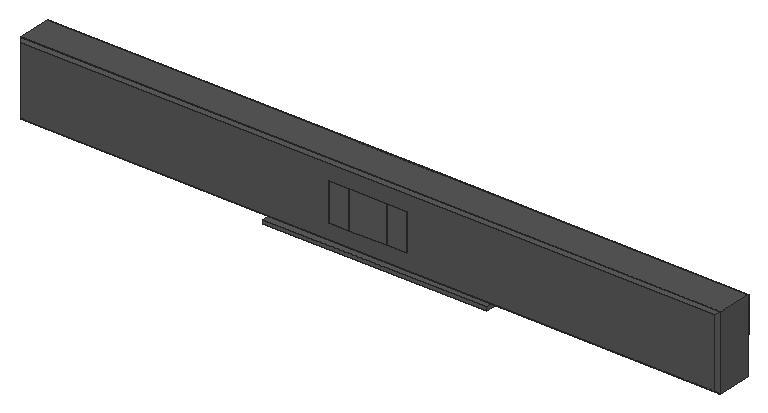
Revit family "Electronics_Conferencing-Bars_Biamp_Parle_Video_VBC-2500a", category Communication Devices, host Face, Revit 2020
Family settings
  Host = Face
  Maintain Annotation Orientation = No
  Round Connector Dimension = Use Diameter
  Part Type = Normal
  OmniClass Number = 23.85.10.17.11.14
  OmniClass Title = Audio-Visual Recorders (Cam-Corders)
  Cut with Voids When Loaded = No
  Shared = No
  Room Calculation Point = No
Parameters (values of type "Parlé™ VBC 2500a")
  Width = 939.80 mm  # constant formula
  Weight = 9.60 lbf  # constant formula
  Wall Installation [instance] = no
  Voltage = 0 V
  Version = 1
  USB 3.0 = "1x Type C"  # constant formula
  URL = "https://www.biamp.com/"
  Transducers = "2x 2.5 in (60 mm) full range"  # constant formula
  Temperature Range = "32 - 104° F (0 - 40° C)"  # constant formula
  Target View Length Real [instance] = if(Focus Distance < 15.00 mm, 15.00 mm, if(Focus Distance > Maximum Focus Distance, Maximum Focus Distance, Focus Distance))  # 1270.00 mm
  Focus Distance [instance] = 1270.00 mm
  Table Installation [instance] = not(Wall Installation)  # yes
  THD = "< 0.2%"  # constant formula
  Supported Video Resolutions = "720p at 30fps; 1080p at 30fps; 2160p at 30fps\r"  # constant formula
  Sampling Rate = "48 kHz"  # constant formula
  SNR = "69 dB"  # constant formula
  Rated Maximum SPL = "90 dB (continuous)"  # constant formula
  Product data url = "https://www.bimobject.com/biamp/product/vbc-2500a_conferencing-bar"
  Product Page URL = "https://www.biamp.com/products/product-families/parle/conferencing-bars#vbc-2500a"
  Product Documentation Link = "https://downloads.biamp.com/assets/docs/default-source/data-sheets/parle_vbc_2500a_biamp_data_sheet_may23.pdf"
  Power Factor = 1
  Positioning = "Autoframing capability Electronic Pan/Tilt/Zoom UVC controlled"  # constant formula
  Polar Pattern = "Active Beamformed"  # constant formula
  Pickup Range = "> 23 feet (7 m)"  # constant formula
  Number of Poles = 1
  Nominal Impedance = "4 ohm"  # constant formula
  Nominal Beamwidth = "180° x 180°"  # constant formula
  Noise Reduction = "AI filter"  # constant formula
  Model = "Parlé™ VBC 2500a"  # constant formula
  Minimum Focus Distance [instance] = 15.00 mm  # constant formula
  Microphone Technology = "27-Element Digital Array"  # constant formula
  Microphone Sensitivity = "> -37dBFS ± 1dB"  # constant formula
  Microphone Indicators = "Mute Indicator (Green/Red/Off LEDs)"  # constant formula
  Microphone Data Rate Output = "48 kHz"  # constant formula
  Maximum SPL = "130 dB"  # constant formula
  Maximum Focus Distance [instance] = 5000.00 mm  # constant formula
  Max Power Consumption = 60 W
  Manufacturer = "Biamp"  # constant formula
  Loudspeakers Sensitivity = "84 dB\r"  # constant formula
  Loudspeakers Frequency Response = "-10 dB\r"  # constant formula
  Lens Cap = "Automated Privacy Shutter"  # constant formula
  Image Sensor = "12 Megapixel\r"  # constant formula
  Microphone Frequency Response = "-10dB"  # constant formula
  Humidity = "0-90% relative humidity (non-condensing)"  # constant formula
  Housing Material = Biamp - Plastic - Black
  Height = 99.06 mm  # constant formula
  Focus Distance Nominal = "100 cm"  # constant formula
  Field of View Visible [instance] = no
  Field Of View Vertical [instance] = 120.00°  # constant formula
  Field Of View Horizontal [instance] = 120.00°  # constant formula
  Digital Zoom = "5x"  # constant formula
  Diagonal Field of View = "120 Degrees"  # constant formula
  Description = "Parlé™ VBC 2500a Conferencing Video Bar"  # constant formula
  Depth = 63.50 mm  # constant formula
  Default Elevation = 1219.20 mm
  Date Updated = ""
  Date Created = "2023/08/21"
  Connector Description = "USB-C"  # constant formula
  Compliance = "FCC Part 15B (USA) CE Marked (Europe) UL and C-UL listed (USA and Canada) RoHS Directive (Europe)"  # constant formula
  Camera Indicators = "Camera Active Indicator (White/Off LED)"  # constant formula
  Audio Processing = "AEC (Acoustic Echo Cancellation)"  # constant formula
  Assembly Code = ""
  Apparent Load = Max Power Consumption / Power Factor  # 60 VA
  Angle [instance] = if(Wall Installation, 90.00°, 0.00°)  # 0.00°
  Altitude = "0-10,000 ft (0-3000m) MSL"  # constant formula
Reference planes
  plane 1 "Center (Front/Back)": y = 0
  plane 2: z = 0
  plane 3 "Center (Left/Right)": x = 0
  plane 4: z = 16.669
Lines and regions (mm)
  reference lines
    curve 1: line (0, 0, 16.669) -> (0, -152.4, 16.669)
  symbolic lines, visible <- "Table Installation", detail levels medium+fine
    curve 2: line (-469.9, -12.303, 0) -> (469.9, -12.303, 0)
    curve 3: line (-469.9, -59.134, 0) -> (-469.9, -12.303, 0)
    curve 4: line (469.9, -59.134, 0) -> (-469.9, -59.134, 0)
    curve 5: line (469.9, -12.303, 0) -> (469.9, -59.134, 0)
    curve 6: line (-469.9, -12.303, 0) -> (-457.2, 0, 0)
    curve 7: line (-457.2, 0, 0) -> (457.2, 0, 0)
    curve 8: line (457.2, 0, 0) -> (469.9, -12.303, 0)
    curve 9: line (469.9, -59.134, 0) -> (466.328, -63.5, 0)
    curve 10: line (466.328, -63.5, 0) -> (-466.328, -63.5, 0)
    curve 11: line (-466.328, -63.5, 0) -> (-469.9, -59.134, 0)
    curve 12: line (-51.991, -12.303, 0) -> (-51.991, 0, 0)
    curve 13: line (51.991, -12.303, 0) -> (51.991, 0, 0)
    curve 14: line (-105.569, 0, 0) -> (-105.569, 13.494, 0)
    curve 15: line (-110.873, 13.494, 0) -> (-25.148, 13.494, 0)
    curve 16: line (-65.087, 13.494, 0) -> (-65.087, 11.509, 0)
    curve 17: line (-65.087, 11.509, 0) -> (-105.569, 11.509, 0)
    curve 18: line (-83.741, 11.509, 0) -> (-83.741, 0, 0)
    curve 19: line (-110.873, 1.984, 0) -> (-110.873, 16.669, 0)
    curve 20: arc (-111.27, 0, 0) -> (-110.973, 0.973, 0) -> (-110.873, 1.984, 0) r 5.159
    curve 21: line (-25.148, 16.669, 0) -> (-110.873, 16.669, 0)
    curve 22: line (-60.866, 13.494, 0) -> (-60.866, 16.669, 0)
    curve 23: line (-25.148, 16.669, 0) -> (-25.148, 6.747, 0)
    curve 24: line (-25.148, 6.747, 0) -> (24.859, 6.747, 0)
    curve 25: line (24.859, 6.747, 0) -> (24.859, 16.669, 0)
    curve 26: line (24.859, 13.494, 0) -> (110.584, 13.494, 0)
    curve 27: line (110.584, 16.669, 0) -> (24.859, 16.669, 0)
    curve 28: line (60.577, 13.494, 0) -> (60.577, 16.669, 0)
    curve 29: line (110.584, 16.669, 0) -> (110.584, 1.984, 0)
    curve 30: arc (110.584, 1.984, 0) -> (110.684, 0.973, 0) -> (110.98, 0, 0) r 5.159
    curve 31: line (65.088, 13.494, 0) -> (65.088, 11.509, 0)
    curve 32: line (65.088, 11.509, 0) -> (105.569, 11.509, 0)
    curve 33: line (105.569, 13.494, 0) -> (105.569, 0, 0)
    curve 34: line (83.741, 11.509, 0) -> (83.741, 0, 0)
  symbolic lines, visible <- "Table Installation", detail levels coarse
    curve 35: line (-150.163, 16.669, 0) -> (-150.163, 0, 0)
    curve 36: line (-150.163, 16.669, 0) -> (149.874, 16.669, 0)
    curve 37: line (149.874, 16.669, 0) -> (149.874, 0, 0)
    curve 38: line (149.874, 13.494, 0) -> (-150.163, 13.494, 0)
    curve 39: line (-469.9, 0, 0) -> (469.9, 0, 0)
    curve 40: line (-469.9, -63.5, 0) -> (-469.9, 0, 0)
    curve 41: line (469.9, -63.5, 0) -> (-469.9, -63.5, 0)
    curve 42: line (469.9, 0, 0) -> (469.9, -63.5, 0)
    curve 67: line (-105.569, 0, 0) -> (-105.569, 13.494, 0)
    curve 68: line (-105.569, 11.509, 0) -> (105.569, 11.509, 0)
    curve 69: line (105.569, 13.494, 0) -> (105.569, 0, 0)
  symbolic lines, visible <- "Wall Installation"
    curve 43: line (-469.9, 99.06, 0) -> (469.9, 99.06, 0)
    curve 44: line (-469.9, 0, 0) -> (-469.9, 99.06, 0)
    curve 45: line (469.9, 0, 0) -> (-469.9, 0, 0)
    curve 46: line (469.9, 99.06, 0) -> (469.9, 0, 0)
  symbolic lines, visible <- "Wall Installation", detail levels medium+fine
    curve 47: line (466.328, 3.572, 0) -> (-466.328, 3.572, 0)
    curve 48: line (466.328, 95.488, 0) -> (466.328, 3.572, 0)
    curve 49: line (-466.328, 95.488, 0) -> (466.328, 95.488, 0)
    curve 50: line (-466.328, 3.572, 0) -> (-466.328, 95.488, 0)
    curve 51: line (-51.991, 74.454, 0) -> (51.991, 74.454, 0)
    curve 52: line (-51.991, 24.448, 0) -> (-51.991, 74.454, 0)
    curve 53: line (51.991, 24.448, 0) -> (-51.991, 24.448, 0)
    curve 54: line (51.991, 74.454, 0) -> (51.991, 24.448, 0)
    curve 57: line (-466.328, 95.488, 0) -> (-469.9, 99.06, 0)
    curve 58: line (-469.9, 0, 0) -> (-466.328, 3.572, 0)
    curve 59: line (466.328, 3.572, 0) -> (469.9, 0, 0)
    curve 60: line (466.328, 95.488, 0) -> (469.9, 99.06, 0)
    curve 61: line (-105.569, -0.988, 0) -> (-105.569, 0, 0)
    curve 62: line (-105.569, -0.988, 0) -> (-83.741, -0.988, 0)
    curve 63: line (-83.741, -0.988, 0) -> (-83.741, 0, 0)
    curve 64: line (83.741, 0, 0) -> (83.741, -0.988, 0)
    curve 65: line (83.741, -0.988, 0) -> (105.569, -0.988, 0)
    curve 66: line (105.569, -0.988, 0) -> (105.569, 0, 0)
  symbolic lines, visible <- "Wall Installation", detail levels fine
    curve 55: line (-25.003, 24.448, 0) -> (-25.003, 74.454, 0)
    curve 56: line (25.003, 24.448, 0) -> (25.003, 74.454, 0)
Dimensions and locks
  "Angle": angle plane 4 to curve 1
  aligned and locked: plane 2 to host face
  aligned and locked: level to host face
  aligned and locked: plane 1 "Center (Front/Back)" to curve 1
  aligned and locked: plane 4 to curve 1
Automatic sketch dimensions
  host sketch curve to host sketch curve = 2438.40 mm  (x2)
  plane 1 "Center (Front/Back)" to curve 58 = 0.00 mm
  plane 1 "Center (Front/Back)" to curve 7 = 0.00 mm
  plane 1 "Center (Front/Back)" to curve 2 = 12.303 mm
  curve 2 to plane 3 "Center (Left/Right)" = 469.90 mm
  curve 40 to curve 3 = 0.00 mm
  curve 39 to curve 47 = 3.572 mm
  curve 40 to curve 10 = 3.572 mm
  curve 47 to curve 7 = 9.128 mm
  curve 36 to plane 1 "Center (Front/Back)" = 16.669 mm
  curve 36 to plane 3 "Center (Left/Right)" = 150.163 mm
  curve 20 to plane 1 "Center (Front/Back)" = 1.984 mm
  curve 35 to curve 20 = 34.131 mm
  curve 20 to curve 21 = 5.159 mm
  plane 1 "Center (Front/Back)" to curve 62 = 0.988 mm
  curve 20 to curve 62 = 5.701 mm
  curve 61 to curve 62 = 21.828 mm
  curve 63 to curve 17 = 18.653 mm
  curve 52 to plane 3 "Center (Left/Right)" = 51.991 mm
  curve 21 to plane 3 "Center (Left/Right)" = 25.148 mm
  plane 3 "Center (Left/Right)" to curve 27 = 24.859 mm
  curve 25 to curve 53 = 27.132 mm
  curve 53 to curve 31 = 13.097 mm
  plane 1 "Center (Front/Back)" to curve 64 = 0.988 mm
  curve 31 to curve 64 = 18.653 mm
  curve 64 to curve 65 = 21.828 mm
  curve 29 to plane 1 "Center (Front/Back)" = 1.984 mm
  curve 66 to curve 29 = 5.015 mm
  curve 29 to curve 30 = 5.159 mm
  curve 30 to curve 37 = 34.131 mm
  curve 37 to curve 8 = 307.326 mm
  plane 1 "Center (Front/Back)" to curve 9 = 63.50 mm
  curve 7 to curve 9 = 9.128 mm
  curve 7 to curve 48 = 9.128 mm
  curve 60 to plane 1 "Center (Front/Back)" = 99.06 mm
  curve 48 to curve 60 = 3.572 mm
  curve 2 to curve 39 = 0.00 mm
  curve 40 to curve 10 = 0.00 mm
  curve 41 to curve 9 = 4.366 mm
  curve 50 to plane 1 "Center (Front/Back)" = 3.572 mm
  curve 24 to plane 1 "Center (Front/Back)" = 6.747 mm
  curve 17 to plane 1 "Center (Front/Back)" = 11.509 mm
  curve 32 to plane 1 "Center (Front/Back)" = 11.509 mm
  curve 24 to curve 27 = 9.922 mm
  curve 23 to curve 21 = 9.922 mm
  curve 28 to curve 54 = 7.779 mm
  curve 52 to curve 51 = 50.006 mm
  curve 50 to curve 43 = 3.572 mm
  curve 15 to curve 17 = 5.304 mm
  curve 67 to curve 14 = 0.00 mm
  curve 18 to curve 63 = 0.00 mm
  curve 16 to curve 22 = 4.221 mm
  curve 22 to curve 12 = 8.876 mm
  curve 55 to plane 3 "Center (Left/Right)" = 25.003 mm
  plane 3 "Center (Left/Right)" to curve 56 = 25.003 mm
  curve 13 to curve 31 = 13.097 mm
  curve 28 to curve 31 = 4.51 mm
  curve 34 to curve 64 = 0.00 mm
  curve 33 to curve 26 = 5.015 mm
  curve 69 to curve 33 = 0.00 mm
  curve 68 to curve 17 = 0.00 mm
  curve 15 to curve 19 = 3.175 mm
  curve 32 to curve 69 = 1.984 mm
  curve 38 to curve 35 = 3.175 mm
Nested families
  nested 1: "Biamp_Parle_VBC_Table Installation" at (-0.145, -17.264, 0), visible <- "Table Installation", type "Biamp_Parle_VBC_Table Installation"
  nested 2: "Biamp_Parle_VBC_Wall Installation" at (-0.397, 49.521, 0), visible <- "Wall Installation", type "Biamp_Parle_VBC_Wall Installation"
  nested 3: "Camera_Biamp_Parle_VBC" at (0, -31.75, 16.669), type "VCB AC"
  nested 4: "FOV" at (0, -63.5, 66.119) x (-1, 0, 0) z (0, -1, 0), visible <- "Field of View Visible", type "FOV"
Connectors
  electrical at (51.638, -6.33, 78.171), driven by "Number of Poles", driven by "Voltage", driven by "Apparent Load", driven by "Power Factor", driven by "Connector Description"
    settings: on nested 3, index 1, voltage 0 V, apparent load 0 VA, apparent load phase1 60 VA, apparent load phase2 0 VA, apparent load phase3 0 VA, power factor 1, load classification "Other", number of poles 1, system type 31, power factor state 1, is connector primary yes, connector utility no, sub classification motor no, connector description "USB-C"
  electrical at (51.638, -6.33, 50.172)
    settings: on nested 3, index 2, voltage 12 V, apparent load 56.88 VA, apparent load phase1 0 VA, apparent load phase2 0 VA, apparent load phase3 0 VA, power factor 1, load classification "Other", number of poles 1, system type 30, power factor state 1, is connector primary no, connector utility no, sub classification motor no, connector description "12VDC, 4.74A"
  electrical at (51.638, -6.33, 63.09)
    settings: on nested 3, index 3, voltage 0 V, apparent load 0 VA, apparent load phase1 0 VA, apparent load phase2 0 VA, apparent load phase3 0 VA, power factor 1, load classification "Other", number of poles 1, system type 5, power factor state 1, is connector primary no, connector utility no, sub classification motor no, connector description "ALS 3.5mm Port"
Definition of nested family "Biamp_Parle_VBC_Table Installation"
  Parameters (values of type "Biamp_Parle_VBC_Table Installation")
    Width = 300.038 mm
    Height = 0.00 mm
    Depth = 67.866 mm
    Default Elevation = 1219.20 mm
    Case Material = none
  Reference planes
    plane 1 "Center (Front/Back)": y = 0
    plane 2: z = 0
    plane 3 "Center (Left/Right)": x = 0
    plane 4: y = 33.933
    plane 5: y = -33.933
    plane 6: x = 150.019
    plane 7: x = -150.019
  Forms (mm)
    Extrusion 1, solid
      sketch origin (0, 0, 0) x (1, 0, 0) y (0, 1, 0)
        loop
          line (-1219.2, 1219.2) -> (-1219.2, -1219.2) -> (1219.2, -1219.2) -> (1219.2, 1219.2) -> (-1219.2, 1219.2)
      from 0 to -304.8
    Extrusion 2, void
      sketch origin (0, 30.758, 78.184) x (0, 0, -1) y (1, 0, 0)
        loop
          circle (12.008, 73.025) r 3.357
        loop
          circle (38.201, 73.025) r 3.357
        loop
          circle (12.008, -73.025) r 3.357
        loop
          circle (38.201, -73.025) r 3.357
      from -3.175 to 0
    Extrusion 3, solid, material <- "Case Material", detail levels coarse
      sketch origin (0, 0, 0) x (0, 1, 0) y (0, 0, 1)
        loop
          line (33.933, 0) -> (33.933, 78.184) -> (30.758, 78.184) -> (30.758, 5.159) -> (-33.933, 5.159) -> (-33.933, 0) -> (33.933, 0)
      from -150.019 to 150.019
    Extrusion 4, solid, material <- "Case Material", detail levels medium+fine
      sketch origin (0, 0, 0) x (0, 1, 0) y (0, 0, 1)
        loop
          line (33.933, 0) -> (33.933, 78.184) -> (30.758, 78.184) -> (30.758, 5.159) -> (-33.933, 5.159) -> (-33.933, 0) -> (33.933, 0)
      from -150.019 to 150.019
    Extrusion 5, void
      sketch origin (0, 0, 0) x (1, 0, 0) y (0, 0, 1)
        loop
          line (60.722, 21.034) -> (60.722, 78.184) -> (-60.722, 78.184) -> (-60.722, 21.034) -> (-25.003, 21.034) -> (-25.003, 0) -> (25.003, 0) -> (25.003, 21.034) -> (60.722, 21.034)
      from -80.031 to -24.011
    Extrusion 6, void
      sketch origin (0, 0, 0) x (1, 0, 0) y (0, 0, 1)
        loop
          line (-110.728, 78.184) -> (-150.019, 78.184) -> (-150.019, -2.78) -> (-110.728, -2.78) -> (-110.728, 78.184)
        loop
          line (150.019, 78.184) -> (110.728, 78.184) -> (110.728, 0) -> (150.019, 0) -> (150.019, 78.184)
      from -33.933 to -14.089
  Cuts and joins
    Extrusion 2, Extrusion 5, Extrusion 6 cuts Extrusion 4
  Lines and regions (mm)
    Masking region 1, detail levels medium+fine
      outline origin (0, 0, 0) x (1, 0, 0) y (0, 1, 0)
        loop
          line (-150.019, -33.933) -> (150.019, -33.933) -> (150.019, 14.089) -> (110.728, 14.089) -> (110.728, 33.933) -> (25.003, 33.933) -> (25.003, 24.011) -> (-25.003, 24.011) -> (-25.003, 33.933) -> (-110.728, 33.933) -> (-110.728, 14.089) -> (-150.019, 14.089) -> (-150.019, -33.933)
    Masking region 2, detail levels coarse
      outline origin (0, 0, 0) x (1, 0, 0) y (0, 1, 0)
        loop
          line (-150.019, -33.933) -> (150.019, -33.933) -> (150.019, 33.933) -> (-150.019, 33.933) -> (-150.019, -33.933)
    symbolic lines, detail levels medium+fine
      curve 1: line (-110.728, 30.758, 0) -> (-25.003, 30.758, 0)
      curve 2: line (25.003, 30.758, 0) -> (110.728, 30.758, 0)
      curve 3: line (60.722, 33.933, 0) -> (60.722, 30.758, 0)
      curve 4: line (-60.722, 33.933, 0) -> (-60.722, 30.758, 0)
    symbolic lines, detail levels coarse
      curve 5: line (-150.019, 30.758, 0) -> (150.019, 30.758, 0)
  Dimensions and locks
    equal spacing: plane 7, plane 3 "Center (Left/Right)", plane 6
    "Depth": plane 4 to plane 5
    "Width": plane 7 to plane 6
    equal spacing: plane 4, plane 1 "Center (Front/Back)", plane 5
    aligned and locked: plane 2 to Extrusion 1
    aligned and locked: level to Extrusion 1
    aligned and locked: plane 7 to Extrusion 3
    aligned and locked: Extrusion 3 to plane 6
  Automatic sketch dimensions
    Extrusion 1 sketch curve to Extrusion 1 sketch curve = 2438.40 mm  (x2)
    Extrusion 3 sketch curve to level = 0.00 mm
    Extrusion 3 sketch curve to plane 5 = 0.00 mm
    Extrusion 3 sketch curve to plane 4 = 0.00 mm
    Extrusion 3 sketch curve to plane 4 = 3.175 mm
    level to Extrusion 3 sketch curve = 5.159 mm
    Extrusion 3 sketch curve to Extrusion 3 sketch curve = 73.025 mm
    Extrusion 4 sketch curve to level = 0.00 mm
    Extrusion 4 sketch curve to plane 5 = 0.00 mm
    Extrusion 4 sketch curve to plane 4 = 0.00 mm
    Extrusion 4 sketch curve to plane 4 = 3.175 mm
    level to Extrusion 4 sketch curve = 5.159 mm
    Extrusion 4 sketch curve to Extrusion 4 sketch curve = 73.025 mm
    Extrusion 5 sketch curve to level = 0.00 mm
    Extrusion 5 sketch curve to plane 3 "Center (Left/Right)" = 60.722 mm
    Extrusion 5 sketch curve to plane 3 "Center (Left/Right)" = 25.003 mm
    plane 3 "Center (Left/Right)" to Extrusion 5 sketch curve = 25.003 mm
    plane 3 "Center (Left/Right)" to Extrusion 5 sketch curve = 60.722 mm
    Extrusion 5 sketch curve to Extrusion 5 sketch curve = 21.034 mm
    level to Extrusion 5 sketch curve = 21.034 mm
    Extrusion 5 sketch curve to Extrusion 5 sketch curve = 57.15 mm
    plane 7 to Extrusion 6 sketch curve = 0.00 mm
    plane 6 to Extrusion 6 sketch curve = 0.00 mm
    Extrusion 6 sketch curve to level = 2.78 mm
    Extrusion 6 sketch curve to plane 7 = 39.291 mm
    level to Extrusion 6 sketch curve = 0.00 mm
    plane 6 to Extrusion 6 sketch curve = 39.291 mm
    Extrusion 6 sketch curve to Extrusion 6 sketch curve = 78.184 mm
    Extrusion 6 sketch curve to Extrusion 6 sketch curve = 80.964 mm
    Extrusion 2 sketch curve to Extrusion 2 sketch curve = 26.194 mm  (x2)
    Extrusion 2 sketch curve to Extrusion 2 sketch curve = 0.00 mm  (x2)
    level to Extrusion 2 sketch curve = 66.177 mm  (x2)
    Extrusion 2 sketch curve to plane 3 "Center (Left/Right)" = 73.025 mm
    plane 3 "Center (Left/Right)" to Extrusion 2 sketch curve = 73.025 mm
    Masking region 1 sketch curve to plane 7 = 0.00 mm
    Masking region 1 sketch curve to plane 5 = 0.00 mm
    Masking region 1 sketch curve to plane 4 = 0.00 mm  (x2)
    Masking region 1 sketch curve to plane 6 = 0.00 mm
    Masking region 1 sketch curve to plane 1 "Center (Front/Back)" = 14.089 mm  (x2)
    Masking region 1 sketch curve to plane 7 = 39.291 mm
    Masking region 1 sketch curve to plane 4 = 9.922 mm
    Masking region 1 sketch curve to plane 3 "Center (Left/Right)" = 25.003 mm
    plane 3 "Center (Left/Right)" to Masking region 1 sketch curve = 25.003 mm
    plane 6 to Masking region 1 sketch curve = 39.291 mm
    Masking region 2 sketch curve to plane 4 = 0.00 mm
    Masking region 2 sketch curve to plane 7 = 0.00 mm
    Masking region 2 sketch curve to plane 6 = 0.00 mm
    Masking region 2 sketch curve to plane 5 = 0.00 mm
    curve 5 to plane 7 = 0.00 mm
    curve 4 to plane 4 = 0.00 mm
    curve 3 to plane 4 = 0.00 mm
    curve 5 to plane 6 = 0.00 mm
    curve 1 to plane 4 = 3.175 mm
    curve 5 to curve 1 = 39.291 mm
    curve 1 to curve 4 = 50.006 mm
    curve 1 to plane 3 "Center (Left/Right)" = 25.003 mm
    curve 2 to plane 4 = 3.175 mm
    plane 3 "Center (Left/Right)" to curve 2 = 25.003 mm
    curve 2 to curve 3 = 35.719 mm
    plane 6 to curve 2 = 39.291 mm
    curve 5 to plane 4 = 3.175 mm
    radius of Extrusion 2 sketch curve = 3.357 mm  (x4)
Definition of nested family "Biamp_Parle_VBC_Wall Installation"
  Parameters (values of type "Biamp_Parle_VBC_Wall Installation")
    Width = 214.884 mm
    Height = 3.175 mm
    Depth = 69.85 mm
    Default Elevation = 1219.20 mm
    Case Material = none
  Reference planes
    plane 1 "Center (Front/Back)": y = 0
    plane 2: z = 0
    plane 3 "Center (Left/Right)": x = 0
    plane 4: y = 34.925
    plane 5: y = -34.925
    plane 6: x = 107.442
    plane 7: x = -107.442
    plane 8: z = 3.175
  Forms (mm)
    Extrusion 1, solid
      sketch origin (0, 0, 0) x (1, 0, 0) y (0, 1, 0)
        loop
          line (-1219.2, 1219.2) -> (-1219.2, -1219.2) -> (1219.2, -1219.2) -> (1219.2, 1219.2) -> (-1219.2, 1219.2)
      from 0 to -304.8
    Extrusion 2, solid, material <- "Case Material", detail levels medium+fine
      sketch origin (0, 0, 0) x (1, 0, 0) y (0, 1, 0)
        loop
          line (-107.442, 34.925) -> (-107.442, -34.925) -> (107.442, -34.925) -> (107.442, 34.925) -> (-107.442, 34.925)
        loop
          line (-24.098, 11.112) -> (-24.098, -11.113) -> (24.098, -11.113) -> (24.098, 11.112) -> (-24.098, 11.112)
        loop
          circle (-49.911, 19.939) r 2.584
        loop
          circle (-49.911, -19.939) r 2.584
        loop
          circle (49.911, 19.939) r 2.584
        loop
          circle (49.911, -19.939) r 2.584
        loop
          circle (97.425, 22.523) r 1.42
        loop
          circle (97.425, -22.523) r 1.42
        loop
          circle (-97.425, 22.523) r 1.42
        loop
          circle (-97.425, -22.523) r 1.42
        loop
          circle (72.983, 0.794) r 1.42
        loop
          circle (86.897, -1.687) r 2.097
        loop
          circle (72.983, -25.4) r 1.42
        loop
          circle (-72.983, 0.794) r 1.42
        loop
          circle (-86.897, -1.687) r 2.097
        loop
          circle (-72.983, -25.4) r 1.42
      from 0 to 3.175
    Extrusion 3, solid, material <- "Case Material", detail levels coarse
      sketch origin (0, 0, 0) x (1, 0, 0) y (0, 1, 0)
        loop
          line (-107.442, 34.925) -> (-107.442, -34.925) -> (107.442, -34.925) -> (107.442, 34.925) -> (-107.442, 34.925)
      from 0 to 3.175
  Lines and regions (mm)
    Masking region 1
      outline origin (0, 0, 0) x (1, 0, 0) y (0, 0, 1)
        loop
          line (-107.442, 3.175) -> (-107.442, 0) -> (107.442, 0) -> (107.442, 3.175) -> (-107.442, 3.175)
  Dimensions and locks
    equal spacing: plane 7, plane 3 "Center (Left/Right)", plane 6
    "Depth": plane 4 to plane 5
    "Width": plane 7 to plane 6
    equal spacing: plane 4, plane 1 "Center (Front/Back)", plane 5
    "Height": level to plane 8
    aligned and locked: plane 2 to Extrusion 1
    aligned and locked: level to Extrusion 1
  Automatic sketch dimensions
    Extrusion 1 sketch curve to Extrusion 1 sketch curve = 2438.40 mm  (x2)
    Extrusion 3 sketch curve to plane 5 = 0.00 mm
    Extrusion 3 sketch curve to plane 7 = 0.00 mm
    Extrusion 3 sketch curve to plane 6 = 0.00 mm
    Extrusion 3 sketch curve to plane 4 = 0.00 mm
    Extrusion 2 sketch curve to Extrusion 2 sketch curve = 0.00 mm  (x13)
    Extrusion 2 sketch curve to plane 5 = 0.00 mm
    Extrusion 2 sketch curve to plane 7 = 0.00 mm
    Extrusion 2 sketch curve to plane 6 = 0.00 mm
    Extrusion 2 sketch curve to plane 4 = 0.00 mm
    Extrusion 2 sketch curve to plane 7 = 10.017 mm  (x2)
    plane 1 "Center (Front/Back)" to Extrusion 2 sketch curve = 1.687 mm  (x2)
    Extrusion 2 sketch curve to plane 7 = 20.545 mm
    Extrusion 2 sketch curve to plane 1 "Center (Front/Back)" = 0.794 mm  (x2)
    Extrusion 2 sketch curve to Extrusion 2 sketch curve = 13.913 mm  (x2)
    plane 5 to Extrusion 2 sketch curve = 9.525 mm  (x2)
    Extrusion 2 sketch curve to Extrusion 2 sketch curve = 24.441 mm
    Extrusion 2 sketch curve to Extrusion 2 sketch curve = 23.072 mm  (x3)
    Extrusion 2 sketch curve to plane 4 = 14.986 mm  (x2)
    plane 1 "Center (Front/Back)" to Extrusion 2 sketch curve = 11.113 mm
    Extrusion 2 sketch curve to plane 3 "Center (Left/Right)" = 24.098 mm
    Extrusion 2 sketch curve to plane 1 "Center (Front/Back)" = 11.113 mm
    plane 3 "Center (Left/Right)" to Extrusion 2 sketch curve = 24.098 mm
    Extrusion 2 sketch curve to Extrusion 2 sketch curve = 25.813 mm  (x2)
    plane 6 to Extrusion 2 sketch curve = 10.017 mm  (x2)
    plane 5 to Extrusion 2 sketch curve = 12.402 mm  (x2)
    plane 5 to Extrusion 2 sketch curve = 14.986 mm  (x2)
    Extrusion 2 sketch curve to plane 4 = 12.402 mm  (x2)
    Extrusion 2 sketch curve to Extrusion 2 sketch curve = 2.097 mm  (x2)
    Extrusion 2 sketch curve to Extrusion 2 sketch curve = 1.42 mm  (x4)
    Masking region 1 sketch curve to level = 0.00 mm
    plane 7 to Masking region 1 sketch curve = 0.00 mm
    plane 6 to Masking region 1 sketch curve = 0.00 mm
    Masking region 1 sketch curve to plane 8 = 0.00 mm
    radius of Extrusion 2 sketch curve = 2.584 mm  (x4)
    radius of Extrusion 2 sketch curve = 1.42 mm  (x4)
Definition of nested family "Camera_Biamp_Parle_VBC"
  Parameters (values of type "VCB AC")
    URL = "https://www.biamp.com/"
    Model = "VBC"
    Manufacturer = "Biamp"  # constant formula
    Description = ""
    Default Elevation = 1219.20 mm
    Case Material = none
  Reference planes
    plane 1 "Center (Front/Back)": y = 0
    plane 2: z = 0
    plane 3 "Center (Left/Right)": x = 0
    plane 4: y = 31.75
    plane 5: y = -31.75
    plane 6: x = 469.9
    plane 7: x = -469.9
    plane 8: z = 99.06
  Forms (mm)
    Extrusion 1, solid, material <- "Case Material", detail levels medium+fine
      sketch origin (0, 0, 0) x (0, 1, 0) y (0, 0, 1)
        loop
          line (31.75, 86.36) -> (19.447, 99.06) -> (19.447, 98.12) -> (31.172, 86.017) -> (31.172, 13.043) -> (19.447, 0.94) -> (19.447, 0) -> (31.75, 12.7) -> (31.75, 86.36)
      from -51.991 to 51.991
    Extrusion 2, void
      sketch origin (0, 0, 0) x (0, 1, 0) y (0, 0, 1)
        loop
          line (31.75, 86.36) -> (19.447, 99.06) -> (19.447, 0) -> (31.75, 12.7) -> (31.75, 86.36)
      from -51.991 to 51.991
    Extrusion 3, solid, material <- "Case Material", detail levels medium+fine
      sketch origin (0, 0, -15.875) x (0, 1, 0) y (0, 0, 1)
        loop
          line (22.907, 19.447) -> (31.75, 19.447) -> (31.75, 28.575) -> (22.907, 19.447)
      from -438.913 to 438.624
    Extrusion 4, solid, detail levels medium+fine
      sketch origin (0, 0, -15.875) x (0, 1, 0) y (0, 0, 1)
        loop
          line (24.619, 19.447) -> (23.623, 19.447)
          arc (23.623, 19.447) -> (28.183, 14.887) -> (32.743, 19.447) r 4.56
          line (32.743, 19.447) -> (45.244, 24.121) -> (45.244, 75.318) -> (43.259, 75.318) -> (43.259, 25.511) -> (31.368, 21.117)
          arc (31.368, 21.117) -> (29.06, 15.971) -> (24.619, 19.447) r 3.581
      from -105.569 to 105.569
    Extrusion 5, void
      sketch origin (0, 0, -15.875) x (1, 0, 0) y (0, 0, 1)
        loop
          line (65.088, 75.318) -> (-65.087, 75.318) -> (-65.087, 30.471) -> (-83.741, 30.471) -> (-83.741, 14.596) -> (83.741, 14.596) -> (83.741, 30.471) -> (65.088, 30.471) -> (65.088, 75.318)
      from -45.244 to -23.273
    Extrusion 6, void
      sketch origin (0, 45.244, 8.246) x (0, 0, -1) y (1, 0, 0)
        loop
          circle (-42.069, -73.025) r 1.191
        loop
          circle (-28.972, -73.025) r 1.588
        loop
          circle (-15.875, -73.025) r 1.191
        loop
          circle (-15.875, -94.059) r 1.588
        loop
          arc (-34.445, -90.819) -> (-24.995, -86.954) -> (-34.297, -82.746) r 5.558
          arc (-34.297, -82.746) -> (-35.602, -84.027) -> (-37.369, -84.495) r 3.572
          line (-37.369, -84.495) -> (-40.077, -84.495)
          arc (-40.077, -84.495) -> (-42.466, -86.905) -> (-40.097, -89.298) r 2.383
          line (-40.097, -89.298) -> (-37.369, -89.298)
          arc (-37.369, -89.298) -> (-35.721, -89.701) -> (-34.445, -90.819) r 3.572
        loop
          circle (-42.069, 73.025) r 1.191
        loop
          circle (-28.972, 73.025) r 1.588
        loop
          circle (-15.875, 73.025) r 1.191
        loop
          circle (-15.875, 94.059) r 1.588
        loop
          arc (-34.445, 90.819) -> (-35.721, 89.701) -> (-37.369, 89.298) r 3.572
          line (-37.369, 89.298) -> (-40.097, 89.298)
          arc (-40.097, 89.298) -> (-42.466, 86.905) -> (-40.077, 84.495) r 2.383
          line (-40.077, 84.495) -> (-37.369, 84.495)
          arc (-37.369, 84.495) -> (-35.602, 84.027) -> (-34.297, 82.746) r 3.572
          arc (-34.297, 82.746) -> (-24.995, 86.954) -> (-34.445, 90.819) r 5.558
      from 0 to 1.984
    Extrusion 7, solid, material <- "Case Material", detail levels medium+fine
      sketch origin (0, 0, 0) x (1, 0, 0) y (0, 0, 1)
        loop
          line (-469.9, 99.06) -> (-469.9, 0) -> (469.9, 0) -> (469.9, 99.06) -> (-469.9, 99.06)
      from -19.447 to 27.384
    Blend 8, solid, detail levels medium+fine
      base sketch origin (0, 0, 0) x (1, 0, 0) y (0, 0, 1)
        loop
          line (-469.9, 99.06) -> (-469.9, 0) -> (469.9, 0) -> (469.9, 99.06) -> (-469.9, 99.06)
      top sketch origin (0, 0, 0) x (1, 0, 0) y (0, 0, 1)
        loop
          line (-466.328, 95.488) -> (-466.328, 3.572) -> (466.328, 3.572) -> (466.328, 95.488) -> (-466.328, 95.488)
      from 27.384 to 31.75
    Blend 9, solid, material <- "Case Material", detail levels medium+fine
      base sketch origin (0, 0, 0) x (1, 0, 0) y (0, 0, -1)
        loop
          line (-469.9, -99.06) -> (469.9, -99.06) -> (469.9, 0) -> (-469.9, 0) -> (-469.9, -99.06)
      top sketch origin (0, 0, 0) x (1, 0, 0) y (0, 0, -1)
        loop
          line (457.2, -86.36) -> (457.2, -12.7) -> (-457.2, -12.7) -> (-457.2, -86.36) -> (457.2, -86.36)
      from 19.447 to 31.75
    Extrusion 10, solid, detail levels fine
      sketch origin (0, -31.75, 0) x (1, 0, 0) y (0, 0, 1)
        loop
          line (-51.991, 24.448) -> (-25.003, 24.448) -> (-25.003, 74.454) -> (-51.991, 74.454) -> (-51.991, 24.448)
        loop
          line (51.991, 74.454) -> (25.003, 74.454) -> (25.003, 24.448) -> (51.991, 24.448) -> (51.991, 74.454)
      from -4.366 to 0
    Extrusion 11, solid, detail levels fine
      sketch origin (0, -31.75, 0) x (1, 0, 0) y (0, 0, 1)
        loop
          line (25.003, 74.454) -> (-25.003, 74.454) -> (-25.003, 24.448) -> (25.003, 24.448) -> (25.003, 74.454)
      from -4.366 to 0
    Extrusion 12, void
      sketch origin (0, -31.75, 0) x (-1, 0, 0) y (0, 0, 1)
        loop
          line (51.991, 74.454) -> (-51.991, 74.454) -> (-51.991, 24.448) -> (51.991, 24.448) -> (51.991, 74.454)
      from 0 to 4.366
    Extrusion 13, solid, material <- "Case Material", detail levels coarse
      sketch origin (0, 0, 0) x (1, 0, 0) y (0, 0, 1)
        loop
          line (-469.9, 99.06) -> (-469.9, 0) -> (469.9, 0) -> (469.9, 99.06) -> (-469.9, 99.06)
      from -31.75 to 31.75
    Extrusion 14, solid, detail levels medium
      sketch origin (0, -31.75, 0) x (1, 0, 0) y (0, 0, 1)
        loop
          line (51.991, 74.454) -> (-51.991, 74.454) -> (-51.991, 24.448) -> (51.991, 24.448) -> (51.991, 74.454)
      from -4.366 to 0
    Extrusion 15, solid, detail levels coarse
      sketch origin (0, 0, 0) x (0, 1, 0) y (0, 0, 1)
        loop
          line (45.244, 0) -> (45.244, 59.443) -> (43.259, 59.443) -> (43.259, 1.984) -> (31.75, 1.984) -> (31.75, 0) -> (45.244, 0)
      from -105.569 to 105.569
    Extrusion 16, solid
      sketch origin (0, 0.11, 0) x (0, 1, 0) y (0, 0, 1)
        loop
          line (22.134, 64.677) -> (22.134, 58.327) -> (28.484, 58.327) -> (28.484, 64.677) -> (22.134, 64.677)
        loop
          line (23.732, 36.678) -> (23.732, 30.328) -> (26.886, 30.328) -> (26.886, 36.678) -> (23.732, 36.678)
        loop
          circle (25.309, 46.421) r 2.281
      from 51.638 to 52.771
  Cuts and joins
    Extrusion 12 cuts Blend 8
    Extrusion 5, Extrusion 6 cuts Extrusion 4
    Extrusion 2 cuts Blend 9
  Lines and regions (mm)
    Masking region 1, detail levels medium+fine
      outline origin (0, 0, 0) x (1, 0, 0) y (0, 1, 0)
        loop
          line (-469.9, -27.384) -> (-466.328, -31.75) -> (466.328, -31.75) -> (469.9, -27.384) -> (469.9, 19.447) -> (457.168, 31.781) -> (105.569, 31.781) -> (105.569, 45.244) -> (65.088, 45.244) -> (65.088, 43.259) -> (83.741, 43.259) -> (83.741, 31.781) -> (-83.741, 31.781) -> (-83.741, 43.259) -> (-65.087, 43.259) -> (-65.087, 45.244) -> (-105.569, 45.244) -> (-105.569, 31.75) -> (-457.2, 31.75) -> (-469.9, 19.447) -> (-469.9, -27.384)
    Masking region 2, detail levels coarse
      outline origin (0, 0, 0) x (1, 0, 0) y (0, 1, 0)
        loop
          line (-469.9, -31.75) -> (469.9, -31.75) -> (469.9, 31.75) -> (105.569, 31.75) -> (105.569, 45.244) -> (-105.569, 45.244) -> (-105.569, 31.75) -> (-469.9, 31.75) -> (-469.9, -31.75)
    symbolic lines, detail levels medium+fine
      curve 1: line (-469.9, 19.447, 0) -> (469.9, 19.447, 0)
      curve 2: line (457.2, 31.75, 0) -> (-457.2, 31.75, 0)
      curve 3: line (-105.569, 43.259, 0) -> (-65.087, 43.259, 0)
      curve 4: line (-51.991, 31.75, 0) -> (-51.991, 19.447, 0)
      curve 5: line (51.991, 31.75, 0) -> (51.991, 19.447, 0)
      curve 6: line (65.088, 43.259, 0) -> (105.569, 43.259, 0)
      curve 7: line (-469.9, -27.384, 0) -> (469.9, -27.384, 0)
    symbolic lines, detail levels coarse
      curve 8: line (-105.569, 43.259, 0) -> (105.569, 43.259, 0)
      curve 9: line (-469.9, 31.75, 0) -> (469.9, 31.75, 0)
  Dimensions and locks
    equal spacing: plane 4, plane 1 "Center (Front/Back)", plane 5
    equal spacing: plane 7, plane 3 "Center (Left/Right)", plane 6
    plane 7 to plane 6 = 939.80 mm
    plane 4 to plane 5 = 63.50 mm
    plane 8 to level = 99.06 mm
    aligned and locked: plane 2 to level
    aligned and locked: plane 4 to Extrusion 13
    aligned and locked: plane 4 to cut or joined group of Extrusion 2, Blend 9
  Automatic sketch dimensions
    Extrusion 1 sketch curve to plane 4 = 0.00 mm
    Extrusion 1 sketch curve to plane 4 = 0.578 mm
    Extrusion 1 sketch curve to plane 4 = 12.303 mm  (x2)
    level to Extrusion 1 sketch curve = 0.00 mm
    Extrusion 1 sketch curve to Extrusion 1 sketch curve = 0.94 mm  (x2)
    Extrusion 1 sketch curve to Extrusion 1 sketch curve = 11.76 mm
    Extrusion 1 sketch curve to Extrusion 1 sketch curve = 0.343 mm  (x2)
    Extrusion 1 sketch curve to plane 8 = 13.043 mm
    Extrusion 1 sketch curve to plane 8 = 0.94 mm
    Extrusion 2 sketch curve to plane 4 = 0.00 mm
    Extrusion 2 sketch curve to plane 4 = 12.303 mm
    level to Extrusion 2 sketch curve = 0.00 mm
    Extrusion 2 sketch curve to Extrusion 2 sketch curve = 12.70 mm
    Extrusion 2 sketch curve to plane 8 = 12.70 mm
    plane 8 to Extrusion 2 sketch curve = 0.00 mm
    Extrusion 3 sketch curve to plane 4 = 0.00 mm
    Extrusion 3 sketch curve to plane 4 = 8.843 mm
    level to Extrusion 3 sketch curve = 3.572 mm
    Extrusion 3 sketch curve to Extrusion 3 sketch curve = 9.128 mm
    Extrusion 4 sketch curve to plane 4 = 8.127 mm
    Extrusion 4 sketch curve to Extrusion 4 sketch curve = 0.996 mm
    Extrusion 4 sketch curve to Extrusion 4 sketch curve = 3.564 mm
    Extrusion 4 sketch curve to Extrusion 4 sketch curve = 0.017 mm
    Extrusion 4 sketch curve to plane 4 = 0.382 mm
    plane 4 to Extrusion 4 sketch curve = 11.509 mm
    Extrusion 4 sketch curve to Extrusion 4 sketch curve = 1.984 mm
    level to Extrusion 4 sketch curve = 3.572 mm
    Extrusion 4 sketch curve to Extrusion 4 sketch curve = 4.674 mm
    Extrusion 4 sketch curve to Extrusion 4 sketch curve = 1.389 mm
    Extrusion 4 sketch curve to plane 8 = 39.617 mm
    level to Extrusion 5 sketch curve = 14.596 mm  (x2)
    Extrusion 5 sketch curve to plane 3 "Center (Left/Right)" = 83.741 mm
    Extrusion 5 sketch curve to Extrusion 5 sketch curve = 18.653 mm  (x2)
    plane 3 "Center (Left/Right)" to Extrusion 5 sketch curve = 65.088 mm
    Extrusion 5 sketch curve to level = 1.279 mm
    Extrusion 5 sketch curve to plane 8 = 39.617 mm
    Extrusion 4 to Extrusion 6 sketch curve = 9.128 mm  (x2)
    Extrusion 4 to Extrusion 6 sketch curve = 11.099 mm  (x2)
    Extrusion 6 sketch curve to Extrusion 6 sketch curve = 0.015 mm  (x2)
    Extrusion 6 sketch curve to Extrusion 6 sketch curve = 2.728 mm  (x2)
    Extrusion 6 sketch curve to Extrusion 6 sketch curve = 2.714 mm  (x2)
    Extrusion 6 sketch curve to Extrusion 6 sketch curve = 6.817 mm  (x2)
    Extrusion 6 sketch curve to Extrusion 6 sketch curve = 8.397 mm  (x2)
    Extrusion 6 sketch curve to Extrusion 6 sketch curve = 13.097 mm  (x2)
    Extrusion 6 sketch curve to Extrusion 4 = 15.875 mm  (x2)
    Extrusion 6 sketch curve to Extrusion 4 = 11.509 mm  (x2)
    Extrusion 6 sketch curve to Extrusion 4 = 12.699 mm
    Extrusion 6 sketch curve to Extrusion 6 sketch curve = 3.572 mm  (x4)
    Extrusion 6 sketch curve to Extrusion 6 sketch curve = 2.383 mm  (x2)
    Extrusion 6 sketch curve to Extrusion 6 sketch curve = 2.446 mm
    Extrusion 6 sketch curve to Extrusion 6 sketch curve = 2.421 mm  (x2)
    Extrusion 6 sketch curve to Extrusion 6 sketch curve = 7.898 mm  (x3)
    Extrusion 6 sketch curve to Extrusion 6 sketch curve = 0.00 mm  (x5)
    Extrusion 6 sketch curve to Extrusion 4 = 32.544 mm
    Extrusion 6 sketch curve to Extrusion 6 sketch curve = 2.357 mm
    Extrusion 6 sketch curve to Extrusion 6 sketch curve = 0.006 mm  (x2)
    Extrusion 6 sketch curve to Extrusion 6 sketch curve = 2.924 mm  (x2)
    plane 7 to Extrusion 7 sketch curve = 0.00 mm
    plane 6 to Extrusion 7 sketch curve = 0.00 mm
    level to Extrusion 7 sketch curve = 0.00 mm
    plane 8 to Extrusion 7 sketch curve = 0.00 mm
    plane 7 to Blend 8 sketch curve = 0.00 mm
    plane 6 to Blend 8 sketch curve = 0.00 mm
    level to Blend 8 sketch curve = 0.00 mm
    plane 8 to Blend 8 sketch curve = 0.00 mm
    Blend 8 sketch curve to plane 7 = 3.572 mm
    plane 6 to Blend 8 sketch curve = 3.572 mm
    level to Blend 8 sketch curve = 3.572 mm
    Blend 8 sketch curve to plane 8 = 3.572 mm
    plane 7 to Blend 9 sketch curve = 0.00 mm
    plane 6 to Blend 9 sketch curve = 0.00 mm
    plane 8 to Blend 9 sketch curve = 0.00 mm
    level to Blend 9 sketch curve = 0.00 mm
    Blend 9 sketch curve to plane 8 = 12.70 mm
    Blend 9 sketch curve to plane 7 = 12.70 mm
    plane 6 to Blend 9 sketch curve = 12.70 mm
    level to Blend 9 sketch curve = 12.70 mm
    Extrusion 10 sketch curve to plane 3 "Center (Left/Right)" = 51.991 mm
    Extrusion 10 sketch curve to plane 3 "Center (Left/Right)" = 25.003 mm
    Extrusion 10 sketch curve to plane 8 = 24.606 mm  (x2)
    plane 3 "Center (Left/Right)" to Extrusion 10 sketch curve = 25.003 mm
    Extrusion 10 sketch curve to Extrusion 10 sketch curve = 26.987 mm
    level to Extrusion 10 sketch curve = 24.448 mm  (x2)
    Extrusion 11 sketch curve to plane 8 = 24.606 mm
    Extrusion 11 sketch curve to plane 3 "Center (Left/Right)" = 25.003 mm
    plane 3 "Center (Left/Right)" to Extrusion 11 sketch curve = 25.003 mm
    level to Extrusion 11 sketch curve = 24.448 mm
    Extrusion 12 sketch curve to plane 8 = 24.606 mm
    plane 3 "Center (Left/Right)" to Extrusion 12 sketch curve = 51.991 mm
    Extrusion 12 sketch curve to plane 3 "Center (Left/Right)" = 51.991 mm
    level to Extrusion 12 sketch curve = 24.448 mm
    plane 7 to Extrusion 13 sketch curve = 0.00 mm
    plane 6 to Extrusion 13 sketch curve = 0.00 mm
    level to Extrusion 13 sketch curve = 0.00 mm
    plane 8 to Extrusion 13 sketch curve = 0.00 mm
    Extrusion 14 sketch curve to plane 8 = 24.606 mm
    Extrusion 14 sketch curve to plane 3 "Center (Left/Right)" = 51.991 mm
    plane 3 "Center (Left/Right)" to Extrusion 14 sketch curve = 51.991 mm
    level to Extrusion 14 sketch curve = 24.448 mm
    Extrusion 15 sketch curve to plane 4 = 0.00 mm
    plane 4 to Extrusion 15 sketch curve = 11.509 mm
    Extrusion 15 sketch curve to Extrusion 15 sketch curve = 1.984 mm  (x2)
    Extrusion 15 sketch curve to plane 8 = 39.617 mm
    Extrusion 15 sketch curve to level = 0.00 mm
    curve 1 to plane 7 = 0.00 mm
    curve 9 to plane 4 = 0.00 mm
    curve 9 to plane 7 = 0.00 mm
    curve 7 to plane 7 = 0.00 mm
    curve 2 to plane 4 = 0.00 mm
    curve 1 to plane 6 = 0.00 mm
    curve 9 to plane 6 = 0.00 mm
    curve 7 to plane 6 = 0.00 mm
    plane 4 to curve 8 = 11.509 mm
    curve 8 to plane 3 "Center (Left/Right)" = 105.569 mm
    plane 3 "Center (Left/Right)" to curve 8 = 105.569 mm
    curve 2 to plane 7 = 12.70 mm
    curve 3 to curve 3 = 40.481 mm
    curve 4 to plane 4 = 12.303 mm
    curve 3 to curve 4 = 13.097 mm
    plane 3 "Center (Left/Right)" to curve 5 = 51.991 mm
    curve 5 to curve 6 = 13.097 mm
    curve 2 to curve 9 = 12.70 mm
    plane 5 to curve 7 = 4.366 mm
    Masking region 1 sketch curve to plane 7 = 0.00 mm
    Masking region 1 sketch curve to plane 5 = 0.00 mm
    Masking region 1 sketch curve to plane 4 = 0.00 mm
    Masking region 1 sketch curve to plane 6 = 0.00 mm
    Masking region 1 sketch curve to plane 7 = 3.572 mm
    Masking region 1 sketch curve to plane 7 = 12.70 mm
    plane 4 to Masking region 1 sketch curve = 13.494 mm  (x2)
    Masking region 1 sketch curve to plane 3 "Center (Left/Right)" = 105.569 mm
    Masking region 1 sketch curve to Masking region 1 sketch curve = 21.828 mm  (x2)
    Masking region 1 sketch curve to Masking region 1 sketch curve = 18.653 mm  (x2)
    plane 3 "Center (Left/Right)" to Masking region 1 sketch curve = 65.088 mm
    plane 4 to Masking region 1 sketch curve = 0.031 mm  (x2)
    plane 6 to Masking region 1 sketch curve = 12.732 mm
    plane 6 to Masking region 1 sketch curve = 3.572 mm
    plane 5 to Masking region 1 sketch curve = 4.366 mm  (x2)
    Masking region 1 sketch curve to plane 4 = 12.303 mm  (x2)
    Masking region 1 sketch curve to Masking region 1 sketch curve = 1.984 mm  (x2)
    Masking region 2 sketch curve to plane 5 = 0.00 mm
    Masking region 2 sketch curve to plane 7 = 0.00 mm
    Masking region 2 sketch curve to plane 4 = 0.00 mm  (x2)
    Masking region 2 sketch curve to plane 6 = 0.00 mm
    plane 4 to Masking region 2 sketch curve = 13.494 mm
    Masking region 2 sketch curve to plane 3 "Center (Left/Right)" = 105.569 mm
    plane 3 "Center (Left/Right)" to Masking region 2 sketch curve = 105.569 mm
    Extrusion 16 sketch curve to plane 4 = 9.505 mm
    Extrusion 16 sketch curve to plane 4 = 7.907 mm
    Extrusion 16 sketch curve to plane 4 = 6.33 mm
    Extrusion 16 sketch curve to Extrusion 16 sketch curve = 3.154 mm
    Extrusion 16 sketch curve to plane 4 = 3.155 mm
    level to Extrusion 16 sketch curve = 30.328 mm
    Extrusion 16 sketch curve to Extrusion 16 sketch curve = 6.35 mm  (x2)
    Extrusion 16 sketch curve to Extrusion 16 sketch curve = 9.743 mm
    Extrusion 16 sketch curve to Extrusion 16 sketch curve = 11.906 mm
    radius of Extrusion 6 sketch curve = 1.191 mm  (x4)
    radius of Extrusion 6 sketch curve = 1.588 mm  (x4)
    radius of Extrusion 16 sketch curve = 2.281 mm
Definition of nested family "FOV"
  Parameters (values of type "FOV")
    Vertical FOV = (Target Length * sin(VFOV Angle / 2)) / sin(180.00° - (90.00° + VFOV Angle / 2))  # 2199.705 mm
    VFOV Angle = 120.00°
    Target Length = 1270.00 mm
    Horizontal FOV = (Target Length * sin(HFOV Angle / 2)) / sin(180.00° - (90.00° + HFOV Angle / 2))  # 2199.705 mm
    HFOV Angle = 120.00°
    Default Elevation = 1219.20 mm
    Cost = 0
    Assembly Code = ""
  Reference planes
    plane 1 "Center (Front/Back)": y = 0
    plane 2: z = 0
    plane 3 "Center (Left/Right)": x = 0
  Forms (mm)
    SweptBlend 1, solid
      path in 3D
        loop
          line (0, 0, 0) -> (0, 0, 1270)
      profile origin (0, 0, 0) x (-1, 0, 0) y (0, -1, 0)
        loop
          circle (0, 0) r 0.397
      end profile origin (0, 0, 1270) x (-1, 0, 0) y (0, -1, 0)
        loop
          line (1099.852, 1099.852) -> (-1099.852, 1099.852) -> (-1099.852, -1099.852) -> (1099.852, -1099.852) -> (1099.852, 1099.852)
  Lines and regions (mm)
    reference lines
      curve 1: line (0, 0, 0) -> (0, 0, 1270)
      curve 3: line (0, 0, 0) -> (-736.6, 0, 0)
      curve 4: line (0, 0, 0) -> (0, 1016, 0)
    sketch lines
      curve 2: line (0, 0, 0) -> (0, 0, 1270)
    symbolic lines
      curve 5: line (1099.852, 0, 1270) -> (-1099.852, 0, 1270)
      curve 6: line (-1099.852, 0, 1270) -> (0, 0, -0.458)
      curve 7: line (0, 0, -0.458) -> (1099.852, 0, 1270)
  Dimensions and locks
    "Target Length": curve 1 to curve 1
    equal spacing: SweptBlend 1 sketch curve, profile plane, SweptBlend 1 sketch curve  (x2)
    "Vertical FOV": SweptBlend 1 sketch curve to SweptBlend 1 sketch curve
    "Horizontal FOV": SweptBlend 1 sketch curve to SweptBlend 1 sketch curve
    aligned and locked: plane 2 to level
    aligned and locked: plane 3 "Center (Left/Right)" to curve 1  (x3)
    aligned and locked: level to curve 1
    aligned and locked: plane 1 "Center (Front/Back)" to curve 1
    aligned and locked: plane 1 "Center (Front/Back)" to curve 4
    aligned and locked: plane 3 "Center (Left/Right)" to curve 4
    aligned and locked: curve 5 to SweptBlend 1
    aligned and locked: curve 6 to SweptBlend 1
    aligned and locked: curve 7 to SweptBlend 1
  Automatic sketch dimensions
    SweptBlend 1 sketch curve to profile plane = 0.00 mm
    profile plane to SweptBlend 1 sketch curve = 0.00 mm
    curve 3 to plane 3 "Center (Left/Right)" = 736.60 mm
    curve 4 to plane 1 "Center (Front/Back)" = 1016.00 mm
    radius of SweptBlend 1 sketch curve = 0.397 mm
